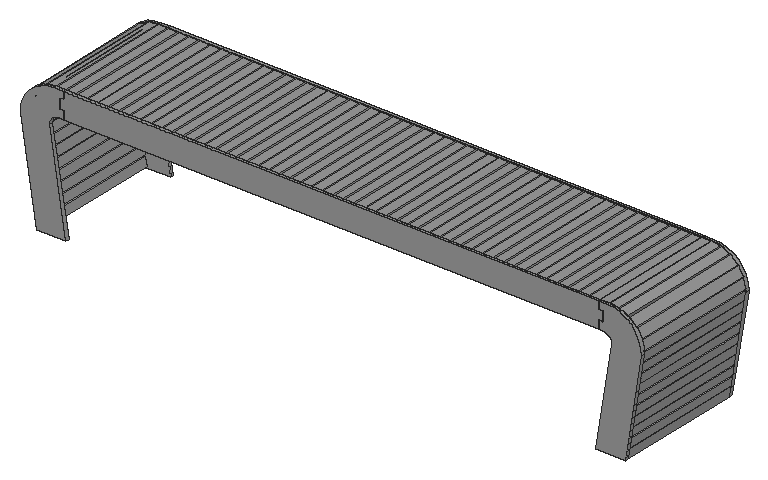
Revit family "Скамейка стальная «Флеш» без спинки Арт 12708", category Антураж, Revit 2018
Family settings
  На основе рабочей плоскости = Нет
  Всегда вертикально = Да
  При загрузке вырезать с полостями = Нет
  Источник визуального образа = Геометрия семейства
  Общий = Нет
  Точка расчета площади = Нет
Parameters (values of type "Модель 2,1 м")
  Ширина = 450 mm  # constant formula
  Цвет сидения = Дерево Тик
  Цвет каркаса = Сталь
  Отступ = 0.5 mm  # constant formula
  Описание = if([Модель 1,2 м], "Скамейка стальная «Флеш» без спинки, модель 1,2 м", if([Модель 1,5 м], "Скамейка стальная «Флеш» без спинки, модель 1,5 м", if([Модель 1,8 м], "Скамейка стальная «Флеш» без спинки, модель 1,8 м", "Скамейка стальная «Флеш» без спинки, модель 2,1 м")))  # "Скамейка стальная «Флеш» без спинки, модель 2,1 м"
  Модель 1,5 м = no
  Модель 2,1 м = yes
  Модель 1,8 м = no
  Модель 1,2 м = no
  Материал изделия = "Сталь, дерево"  # constant formula
  Изображение типоразмера = Скамейка стальная «Флеш» без спинки Арт 12708.jpg
  Изготовитель = "ООО «Хоббика»"  # constant formula
  Длина = if([Модель 1,2 м], 1200 mm, if([Модель 1,5 м], 1500 mm, if([Модель 1,8 м], 1800 mm, 2100 mm)))  # 2100 mm
  Группа модели = "Садовые скамейки"  # constant formula
  Высота = 450 mm  # constant formula
  Артикул товара = "Арт. 12708"  # constant formula
  URL = "https://hobbyka.ru/product/skameyka_stalnaya_flesh/"
  L1 = Длина - 300 mm  # 1800 mm
Types (5, lengths in mm): name | Описание | Модель 1,5 м | Модель 2,1 м | Модель 1,8 м | Модель 1,2 м | Длина | L1
  (no name) | "Скамейка стальная «Флеш» без спинки, модель 2,1 м" | no | yes | no | no | 2100 | 1800
  Модель 1,2 м | "Скамейка стальная «Флеш» без спинки, модель 1,2 м" | no | no | no | yes | 1200 | 900
  Модель 1,5 м | "Скамейка стальная «Флеш» без спинки, модель 1,5 м" | yes | no | no | no | 1500 | 1200
  Модель 1,8 м | "Скамейка стальная «Флеш» без спинки, модель 1,8 м" | no | no | yes | no | 1800 | 1500
  Модель 2,1 м | "Скамейка стальная «Флеш» без спинки, модель 2,1 м" | no | yes | no | no | 2100 | 1800
Reference planes
  plane 1 "По центру (Вперед/Назад)": y = 0
  plane 2: z = 0
  plane 3 "По центру (Влево/Вправо)": x = 0
  plane 4: x = 2100
  plane 5: y = 450
  plane 6: z = 450
Forms (mm)
  Extrusion 1, solid, material "Сталь" <- "Цвет каркаса"
    sketch origin (0, 0, 0) x (1, 0, 0) y (0, 0, 1)
      loop
        line (146.82, 450) -> (146.82, 426.82) -> (131.82, 426.82) -> (131.82, 391.82) -> (146.82, 391.82) -> (146.82, 365) -> (1953.18, 365) -> (1953.18, 391.82) -> (1968.18, 391.82) -> (1968.18, 426.82) -> (1953.18, 426.82) -> (1953.18, 450) -> (146.82, 450)
    from 0 to -10
  Extrusion 2, solid, material "Сталь" <- "Цвет каркаса"
    sketch origin (8.18, 0, 0) x (1, 0, 0) y (0, 0, 1)
      loop
        line (138.64, 450) -> (138.64, 426.82) -> (123.64, 426.82) -> (123.64, 391.82) -> (138.64, 391.82) -> (138.64, 365) -> (1945, 365) -> (1945, 391.82) -> (1960, 391.82) -> (1960, 426.82) -> (1945, 426.82) -> (1945, 450) -> (138.64, 450)
    from -440 to -450
Dimensions and locks
  "Ширина": plane 5 to plane 1 "По центру (Вперед/Назад)"
  "Длина": plane 3 "По центру (Влево/Вправо)" to plane 4
  "Высота": plane 6 to level
  nested 2 to nested 1 = 1806.36 mm
  plane 3 "По центру (Влево/Вправо)" to nested 3 = 150 mm
  nested 1 to nested 2 = 1806.36 mm
  nested 2 to plane 4 = 146.82 mm
  equal spacing: plane 3 "По центру (Влево/Вправо)", nested 3, plane 4
  aligned and locked: level to plane 2
  aligned and locked: plane 4 to nested 2
  aligned and locked: nested 2 to plane 1 "По центру (Вперед/Назад)"
  aligned and locked: Extrusion 1 sketch curve to nested 1  (x5)
  aligned and locked: Extrusion 1 sketch curve to nested 2  (x5)
  aligned and locked: Extrusion 1 sketch curve to plane 6
  aligned and locked: nested 2 to Extrusion 1 sketch curve
  aligned and locked: Extrusion 2 to nested 1  (x4)
  aligned and locked: Extrusion 2 to nested 2  (x3)
  aligned and locked: nested 3 to Extrusion 1
Automatic sketch dimensions
  Extrusion 2 sketch curve to plane 6 = 0 mm
  Extrusion 2 sketch curve to plane 6 = 23.18 mm  (x2)
  plane 3 "По центру (Влево/Вправо)" to Extrusion 2 sketch curve = 131.82 mm
  Extrusion 2 sketch curve to Extrusion 2 sketch curve = 15 mm  (x3)
  Extrusion 2 sketch curve to plane 4 = 146.82 mm
  Extrusion 2 sketch curve to Extrusion 2 sketch curve = 0 mm
  Extrusion 2 sketch curve to plane 6 = 58.18 mm
  Extrusion 2 sketch curve to Extrusion 2 sketch curve = 35 mm
  Extrusion 2 sketch curve to Extrusion 2 sketch curve = 26.82 mm
Nested families
  nested 1: "Скамейка стальная «Флеш» без спинки опора" at (0, 0, 0), type "Скамейка стальная «Флеш» без спинки опора"
  nested 2: "Скамейка стальная «Флеш» без спинки опора" at (2100, 0, 0) x (-1, 0, 0) z (0, 0, 1), type "Скамейка стальная «Флеш» без спинки опора"
  nested 3: "Скамейка стальная «Флеш» без спинки сидение" at (150, 10, 0), type "Скамейка стальная «Флеш» без спинки сидение"
Definition of nested family "Скамейка стальная «Флеш» без спинки опора"
  Parameters (values of type "Скамейка стальная «Флеш» без спинки опора")
    Цвет сидения = none
    Цвет каркаса = none
    Height = 0 mm
  Reference planes
    plane 1 "По центру (Вперед/Назад)": y = 0
    plane 2: z = 0
    plane 3 "По центру (Влево/Вправо)": x = 0
    plane 4: y = 450
    plane 5: x = 703.172
    plane 6: z = 450
  Forms (mm)
    Extrusion 1, solid, material <- "Цвет каркаса"
      sketch origin (0, 0, 0) x (1, 0, 0) y (0, 0, 1)
        loop
          line (155, 0) -> (100.039, 334.761)
          arc (100.039, 334.761) -> (109.886, 356.232) -> (131.82, 365) r 31.82
          line (131.82, 365) -> (146.82, 365) -> (146.82, 391.82) -> (131.82, 391.82) -> (131.82, 426.82) -> (146.82, 426.82) -> (146.82, 450) -> (115, 450)
          arc (115, 450) -> (33.683, 416.317) -> (0, 335) r 115
          line (0, 335) -> (55, 0) -> (155, 0)
      from 0 to -10
    Extrusion 2, solid, material <- "Цвет каркаса"
      sketch origin (0, 0, 0) x (1, 0, 0) y (0, 0, 1)
        loop
          line (155, 0) -> (100.039, 334.761)
          arc (100.039, 334.761) -> (109.886, 356.232) -> (131.82, 365) r 31.82
          line (131.82, 365) -> (146.82, 365) -> (146.82, 391.82) -> (131.82, 391.82) -> (131.82, 426.82) -> (146.82, 426.82) -> (146.82, 450) -> (115, 450)
          arc (115, 450) -> (33.683, 416.317) -> (0, 335) r 115
          line (0, 335) -> (55, 0) -> (155, 0)
      from -440 to -450
    Extrusion 3, solid, material <- "Цвет сидения"
      sketch origin (0, 0, 0) x (1, 0, 0) y (0, 0, 1)
        loop
          line (146.82, 450) -> (116.82, 450) -> (116.82, 430) -> (146.82, 430) -> (146.82, 450)
        loop
          line (115, 450) -> (85.261, 446.053) -> (87.892, 426.227) -> (115, 429.825) -> (115, 450)
        loop
          line (81.521, 444.892) -> (54.366, 432.14) -> (62.868, 414.037) -> (84.281, 424.093) -> (81.521, 444.892)
        loop
          line (55.493, 0.081) -> (75.229, 3.321) -> (70.369, 32.925) -> (50.633, 29.685) -> (55.493, 0.081)
        loop
          line (49.823, 34.619) -> (69.559, 37.859) -> (64.699, 67.462) -> (44.963, 64.222) -> (49.823, 34.619)
        loop
          line (44.153, 69.156) -> (63.888, 72.396) -> (59.028, 102) -> (39.292, 98.76) -> (44.153, 69.156)
        loop
          line (38.482, 103.694) -> (58.218, 106.934) -> (53.358, 136.538) -> (33.622, 133.298) -> (38.482, 103.694)
        loop
          line (32.812, 138.231) -> (52.548, 141.472) -> (47.687, 171.075) -> (27.952, 167.835) -> (32.812, 138.231)
        loop
          line (27.142, 172.769) -> (46.877, 176.009) -> (42.017, 205.613) -> (22.281, 202.373) -> (27.142, 172.769)
        loop
          line (21.471, 207.307) -> (41.207, 210.547) -> (36.347, 240.151) -> (16.611, 236.91) -> (21.471, 207.307)
        loop
          line (15.801, 241.844) -> (35.537, 245.085) -> (30.676, 274.688) -> (10.941, 271.448) -> (15.801, 241.844)
        loop
          line (10.131, 276.382) -> (29.866, 279.622) -> (25.006, 309.226) -> (5.27, 305.986) -> (10.131, 276.382)
        loop
          line (4.46, 310.92) -> (24.282, 313.586) -> (20.282, 343.318) -> (0.461, 340.652) -> (4.46, 310.92)
        loop
          line (0.661, 345.7) -> (21.24, 345.7) -> (27.165, 370.144) -> (7.728, 374.856) -> (0.661, 345.7)
        loop
          line (9.531, 379.715) -> (29.212, 373.702) -> (42.022, 395.348) -> (24.809, 405.533) -> (9.531, 379.715)
        loop
          line (27.687, 409.485) -> (44.796, 398.049) -> (59.742, 411.799) -> (49.765, 429.797) -> (27.687, 409.485)
      from -440 to -10
  Dimensions and locks
    plane 4 to plane 1 "По центру (Вперед/Назад)" = 450 mm
    aligned and locked: level to plane 2
    aligned and locked: plane 4 to Extrusion 2
    aligned and locked: Extrusion 3 to Extrusion 2
    aligned and locked: Extrusion 3 to Extrusion 1
Definition of nested family "Скамейка стальная «Флеш» без спинки сидение"
  Parameters (values of type "Скамейка стальная «Флеш» без спинки сидение")
    Цвет = none
    Кол-во элементов = Длина / 35 mm - 1  # 50
    Длина = 1800 mm
    Height = 0 mm
  Reference planes
    plane 1 "По центру (Вперед/Назад)": y = 0
    plane 2: z = 0
    plane 3 "По центру (Влево/Вправо)": x = 0
    plane 4: y = 430
    plane 5: x = 1800
    plane 6: z = 449
  Forms (mm)
    Extrusion 1, solid, material <- "Цвет"
      sketch origin (0, 0, 0) x (1, 0, 0) y (0, 1, 0)
        loop
          line (0, 430) -> (0, 0) -> (30, 0) -> (30, 430) -> (0, 430)
      from 429 to 449
    Extrusion 2, solid, material <- "Цвет"
      sketch origin (1770, 0, 0) x (1, 0, 0) y (0, 1, 0)
        loop
          line (0, 430) -> (0, 0) -> (30, 0) -> (30, 430) -> (0, 430)
      from 429 to 449
    Extrusion 3, solid, material <- "Цвет"
      sketch origin (36.122, 0, 0) x (1, 0, 0) y (0, 1, 0)
        loop
          line (0, 430) -> (0, 0) -> (30, 0) -> (30, 430) -> (0, 430)
      from 429 to 449
    Extrusion 4, solid, material <- "Цвет"
      sketch origin (72.245, 0, 0) x (1, 0, 0) y (0, 1, 0)
        loop
          line (0, 430) -> (0, 0) -> (30, 0) -> (30, 430) -> (0, 430)
      from 429 to 449
    Extrusion 5, solid, material <- "Цвет"
      sketch origin (108.367, 0, 0) x (1, 0, 0) y (0, 1, 0)
        loop
          line (0, 430) -> (0, 0) -> (30, 0) -> (30, 430) -> (0, 430)
      from 429 to 449
    Extrusion 6, solid, material <- "Цвет"
      sketch origin (144.49, 0, 0) x (1, 0, 0) y (0, 1, 0)
        loop
          line (0, 430) -> (0, 0) -> (30, 0) -> (30, 430) -> (0, 430)
      from 429 to 449
    Extrusion 7, solid, material <- "Цвет"
      sketch origin (180.612, 0, 0) x (1, 0, 0) y (0, 1, 0)
        loop
          line (0, 430) -> (0, 0) -> (30, 0) -> (30, 430) -> (0, 430)
      from 429 to 449
    Extrusion 8, solid, material <- "Цвет"
      sketch origin (216.735, 0, 0) x (1, 0, 0) y (0, 1, 0)
        loop
          line (0, 430) -> (0, 0) -> (30, 0) -> (30, 430) -> (0, 430)
      from 429 to 449
    Extrusion 9, solid, material <- "Цвет"
      sketch origin (252.857, 0, 0) x (1, 0, 0) y (0, 1, 0)
        loop
          line (0, 430) -> (0, 0) -> (30, 0) -> (30, 430) -> (0, 430)
      from 429 to 449
    Extrusion 10, solid, material <- "Цвет"
      sketch origin (288.98, 0, 0) x (1, 0, 0) y (0, 1, 0)
        loop
          line (0, 430) -> (0, 0) -> (30, 0) -> (30, 430) -> (0, 430)
      from 429 to 449
    Extrusion 11, solid, material <- "Цвет"
      sketch origin (325.102, 0, 0) x (1, 0, 0) y (0, 1, 0)
        loop
          line (0, 430) -> (0, 0) -> (30, 0) -> (30, 430) -> (0, 430)
      from 429 to 449
    Extrusion 12, solid, material <- "Цвет"
      sketch origin (361.224, 0, 0) x (1, 0, 0) y (0, 1, 0)
        loop
          line (0, 430) -> (0, 0) -> (30, 0) -> (30, 430) -> (0, 430)
      from 429 to 449
    Extrusion 13, solid, material <- "Цвет"
      sketch origin (397.347, 0, 0) x (1, 0, 0) y (0, 1, 0)
        loop
          line (0, 430) -> (0, 0) -> (30, 0) -> (30, 430) -> (0, 430)
      from 429 to 449
    Extrusion 14, solid, material <- "Цвет"
      sketch origin (433.469, 0, 0) x (1, 0, 0) y (0, 1, 0)
        loop
          line (0, 430) -> (0, 0) -> (30, 0) -> (30, 430) -> (0, 430)
      from 429 to 449
    Extrusion 15, solid, material <- "Цвет"
      sketch origin (469.592, 0, 0) x (1, 0, 0) y (0, 1, 0)
        loop
          line (0, 430) -> (0, 0) -> (30, 0) -> (30, 430) -> (0, 430)
      from 429 to 449
    Extrusion 16, solid, material <- "Цвет"
      sketch origin (505.714, 0, 0) x (1, 0, 0) y (0, 1, 0)
        loop
          line (0, 430) -> (0, 0) -> (30, 0) -> (30, 430) -> (0, 430)
      from 429 to 449
    Extrusion 17, solid, material <- "Цвет"
      sketch origin (541.837, 0, 0) x (1, 0, 0) y (0, 1, 0)
        loop
          line (0, 430) -> (0, 0) -> (30, 0) -> (30, 430) -> (0, 430)
      from 429 to 449
    Extrusion 18, solid, material <- "Цвет"
      sketch origin (577.959, 0, 0) x (1, 0, 0) y (0, 1, 0)
        loop
          line (0, 430) -> (0, 0) -> (30, 0) -> (30, 430) -> (0, 430)
      from 429 to 449
    Extrusion 19, solid, material <- "Цвет"
      sketch origin (614.082, 0, 0) x (1, 0, 0) y (0, 1, 0)
        loop
          line (0, 430) -> (0, 0) -> (30, 0) -> (30, 430) -> (0, 430)
      from 429 to 449
    Extrusion 20, solid, material <- "Цвет"
      sketch origin (650.204, 0, 0) x (1, 0, 0) y (0, 1, 0)
        loop
          line (0, 430) -> (0, 0) -> (30, 0) -> (30, 430) -> (0, 430)
      from 429 to 449
    Extrusion 21, solid, material <- "Цвет"
      sketch origin (686.327, 0, 0) x (1, 0, 0) y (0, 1, 0)
        loop
          line (0, 430) -> (0, 0) -> (30, 0) -> (30, 430) -> (0, 430)
      from 429 to 449
    Extrusion 22, solid, material <- "Цвет"
      sketch origin (722.449, 0, 0) x (1, 0, 0) y (0, 1, 0)
        loop
          line (0, 430) -> (0, 0) -> (30, 0) -> (30, 430) -> (0, 430)
      from 429 to 449
    Extrusion 23, solid, material <- "Цвет"
      sketch origin (758.571, 0, 0) x (1, 0, 0) y (0, 1, 0)
        loop
          line (0, 430) -> (0, 0) -> (30, 0) -> (30, 430) -> (0, 430)
      from 429 to 449
    Extrusion 24, solid, material <- "Цвет"
      sketch origin (794.694, 0, 0) x (1, 0, 0) y (0, 1, 0)
        loop
          line (0, 430) -> (0, 0) -> (30, 0) -> (30, 430) -> (0, 430)
      from 429 to 449
    Extrusion 25, solid, material <- "Цвет"
      sketch origin (830.816, 0, 0) x (1, 0, 0) y (0, 1, 0)
        loop
          line (0, 430) -> (0, 0) -> (30, 0) -> (30, 430) -> (0, 430)
      from 429 to 449
    Extrusion 26, solid, material <- "Цвет"
      sketch origin (866.939, 0, 0) x (1, 0, 0) y (0, 1, 0)
        loop
          line (0, 430) -> (0, 0) -> (30, 0) -> (30, 430) -> (0, 430)
      from 429 to 449
    Extrusion 27, solid, material <- "Цвет"
      sketch origin (903.061, 0, 0) x (1, 0, 0) y (0, 1, 0)
        loop
          line (0, 430) -> (0, 0) -> (30, 0) -> (30, 430) -> (0, 430)
      from 429 to 449
    Extrusion 28, solid, material <- "Цвет"
      sketch origin (939.184, 0, 0) x (1, 0, 0) y (0, 1, 0)
        loop
          line (0, 430) -> (0, 0) -> (30, 0) -> (30, 430) -> (0, 430)
      from 429 to 449
    Extrusion 29, solid, material <- "Цвет"
      sketch origin (975.306, 0, 0) x (1, 0, 0) y (0, 1, 0)
        loop
          line (0, 430) -> (0, 0) -> (30, 0) -> (30, 430) -> (0, 430)
      from 429 to 449
    Extrusion 30, solid, material <- "Цвет"
      sketch origin (1011.429, 0, 0) x (1, 0, 0) y (0, 1, 0)
        loop
          line (0, 430) -> (0, 0) -> (30, 0) -> (30, 430) -> (0, 430)
      from 429 to 449
    Extrusion 31, solid, material <- "Цвет"
      sketch origin (1047.551, 0, 0) x (1, 0, 0) y (0, 1, 0)
        loop
          line (0, 430) -> (0, 0) -> (30, 0) -> (30, 430) -> (0, 430)
      from 429 to 449
    Extrusion 32, solid, material <- "Цвет"
      sketch origin (1083.673, 0, 0) x (1, 0, 0) y (0, 1, 0)
        loop
          line (0, 430) -> (0, 0) -> (30, 0) -> (30, 430) -> (0, 430)
      from 429 to 449
    Extrusion 33, solid, material <- "Цвет"
      sketch origin (1119.796, 0, 0) x (1, 0, 0) y (0, 1, 0)
        loop
          line (0, 430) -> (0, 0) -> (30, 0) -> (30, 430) -> (0, 430)
      from 429 to 449
    Extrusion 34, solid, material <- "Цвет"
      sketch origin (1155.918, 0, 0) x (1, 0, 0) y (0, 1, 0)
        loop
          line (0, 430) -> (0, 0) -> (30, 0) -> (30, 430) -> (0, 430)
      from 429 to 449
    Extrusion 35, solid, material <- "Цвет"
      sketch origin (1192.041, 0, 0) x (1, 0, 0) y (0, 1, 0)
        loop
          line (0, 430) -> (0, 0) -> (30, 0) -> (30, 430) -> (0, 430)
      from 429 to 449
    Extrusion 36, solid, material <- "Цвет"
      sketch origin (1228.163, 0, 0) x (1, 0, 0) y (0, 1, 0)
        loop
          line (0, 430) -> (0, 0) -> (30, 0) -> (30, 430) -> (0, 430)
      from 429 to 449
    Extrusion 37, solid, material <- "Цвет"
      sketch origin (1264.286, 0, 0) x (1, 0, 0) y (0, 1, 0)
        loop
          line (0, 430) -> (0, 0) -> (30, 0) -> (30, 430) -> (0, 430)
      from 429 to 449
    Extrusion 38, solid, material <- "Цвет"
      sketch origin (1300.408, 0, 0) x (1, 0, 0) y (0, 1, 0)
        loop
          line (0, 430) -> (0, 0) -> (30, 0) -> (30, 430) -> (0, 430)
      from 429 to 449
    Extrusion 39, solid, material <- "Цвет"
      sketch origin (1336.531, 0, 0) x (1, 0, 0) y (0, 1, 0)
        loop
          line (0, 430) -> (0, 0) -> (30, 0) -> (30, 430) -> (0, 430)
      from 429 to 449
    Extrusion 40, solid, material <- "Цвет"
      sketch origin (1372.653, 0, 0) x (1, 0, 0) y (0, 1, 0)
        loop
          line (0, 430) -> (0, 0) -> (30, 0) -> (30, 430) -> (0, 430)
      from 429 to 449
    Extrusion 41, solid, material <- "Цвет"
      sketch origin (1408.776, 0, 0) x (1, 0, 0) y (0, 1, 0)
        loop
          line (0, 430) -> (0, 0) -> (30, 0) -> (30, 430) -> (0, 430)
      from 429 to 449
    Extrusion 42, solid, material <- "Цвет"
      sketch origin (1444.898, 0, 0) x (1, 0, 0) y (0, 1, 0)
        loop
          line (0, 430) -> (0, 0) -> (30, 0) -> (30, 430) -> (0, 430)
      from 429 to 449
    Extrusion 43, solid, material <- "Цвет"
      sketch origin (1481.02, 0, 0) x (1, 0, 0) y (0, 1, 0)
        loop
          line (0, 430) -> (0, 0) -> (30, 0) -> (30, 430) -> (0, 430)
      from 429 to 449
    Extrusion 44, solid, material <- "Цвет"
      sketch origin (1517.143, 0, 0) x (1, 0, 0) y (0, 1, 0)
        loop
          line (0, 430) -> (0, 0) -> (30, 0) -> (30, 430) -> (0, 430)
      from 429 to 449
    Extrusion 45, solid, material <- "Цвет"
      sketch origin (1553.265, 0, 0) x (1, 0, 0) y (0, 1, 0)
        loop
          line (0, 430) -> (0, 0) -> (30, 0) -> (30, 430) -> (0, 430)
      from 429 to 449
    Extrusion 46, solid, material <- "Цвет"
      sketch origin (1589.388, 0, 0) x (1, 0, 0) y (0, 1, 0)
        loop
          line (0, 430) -> (0, 0) -> (30, 0) -> (30, 430) -> (0, 430)
      from 429 to 449
    Extrusion 47, solid, material <- "Цвет"
      sketch origin (1625.51, 0, 0) x (1, 0, 0) y (0, 1, 0)
        loop
          line (0, 430) -> (0, 0) -> (30, 0) -> (30, 430) -> (0, 430)
      from 429 to 449
    Extrusion 48, solid, material <- "Цвет"
      sketch origin (1661.633, 0, 0) x (1, 0, 0) y (0, 1, 0)
        loop
          line (0, 430) -> (0, 0) -> (30, 0) -> (30, 430) -> (0, 430)
      from 429 to 449
    Extrusion 49, solid, material <- "Цвет"
      sketch origin (1697.755, 0, 0) x (1, 0, 0) y (0, 1, 0)
        loop
          line (0, 430) -> (0, 0) -> (30, 0) -> (30, 430) -> (0, 430)
      from 429 to 449
    Extrusion 50, solid, material <- "Цвет"
      sketch origin (1733.878, 0, 0) x (1, 0, 0) y (0, 1, 0)
        loop
          line (0, 430) -> (0, 0) -> (30, 0) -> (30, 430) -> (0, 430)
      from 429 to 449
  Lines and regions (mm)
    reference lines
      curve 1: line (900, 1201.572, 0) -> (900, -1038.428, 0)
  Dimensions and locks
    "Длина": plane 3 "По центру (Влево/Вправо)" to plane 5
    equal spacing: plane 3 "По центру (Влево/Вправо)", curve 1, plane 5
    equal spacing: group 1, group 3, group 4, group 5, group 6, group 7, group 8, group 9, group 10, group 11, group 12, group 13, group 14, group 15, group 16, group 17, group 18, group 19, group 20, group 21, group 22, group 23, group 24, group 25, group 26, group 27, group 28, group 29, group 30, group 31, group 32, group 33, group 34, group 35, group 36, group 37, group 38, group 39, group 40, group 41, group 42, group 43, group 44, group 45, group 46, group 47, group 48, group 49, group 50, group 2  (x3)
    Extrusion 1 to Extrusion 3 = 6.122 mm
    aligned and locked: level to plane 2
    aligned and locked: plane 5 to Extrusion 2
  Automatic sketch dimensions
    plane 1 "По центру (Вперед/Назад)" to curve 1 = 1038.428 mm
    plane 4 to curve 1 = 771.572 mm
    Extrusion 1 sketch curve to Extrusion 1 sketch curve = 30 mm
    Extrusion 1 sketch curve to Extrusion 1 sketch curve = 430 mm
    Extrusion 2 sketch curve to Extrusion 2 sketch curve = 30 mm
    Extrusion 2 sketch curve to Extrusion 2 sketch curve = 430 mm
    Extrusion 3 sketch curve to Extrusion 3 sketch curve = 30 mm
    Extrusion 3 sketch curve to Extrusion 3 sketch curve = 430 mm
    Extrusion 4 sketch curve to Extrusion 4 sketch curve = 30 mm
    Extrusion 4 sketch curve to Extrusion 4 sketch curve = 430 mm
    Extrusion 5 sketch curve to Extrusion 5 sketch curve = 30 mm
    Extrusion 5 sketch curve to Extrusion 5 sketch curve = 430 mm
    Extrusion 6 sketch curve to Extrusion 6 sketch curve = 30 mm
    Extrusion 6 sketch curve to Extrusion 6 sketch curve = 430 mm
    Extrusion 7 sketch curve to Extrusion 7 sketch curve = 30 mm
    Extrusion 7 sketch curve to Extrusion 7 sketch curve = 430 mm
    Extrusion 8 sketch curve to Extrusion 8 sketch curve = 30 mm
    Extrusion 8 sketch curve to Extrusion 8 sketch curve = 430 mm
    Extrusion 9 sketch curve to Extrusion 9 sketch curve = 30 mm
    Extrusion 9 sketch curve to Extrusion 9 sketch curve = 430 mm
    Extrusion 10 sketch curve to Extrusion 10 sketch curve = 30 mm
    Extrusion 10 sketch curve to Extrusion 10 sketch curve = 430 mm
    Extrusion 11 sketch curve to Extrusion 11 sketch curve = 30 mm
    Extrusion 11 sketch curve to Extrusion 11 sketch curve = 430 mm
    Extrusion 12 sketch curve to Extrusion 12 sketch curve = 30 mm
    Extrusion 12 sketch curve to Extrusion 12 sketch curve = 430 mm
    Extrusion 13 sketch curve to Extrusion 13 sketch curve = 30 mm
    Extrusion 13 sketch curve to Extrusion 13 sketch curve = 430 mm
    Extrusion 14 sketch curve to Extrusion 14 sketch curve = 30 mm
    Extrusion 14 sketch curve to Extrusion 14 sketch curve = 430 mm
    Extrusion 15 sketch curve to Extrusion 15 sketch curve = 30 mm
    Extrusion 15 sketch curve to Extrusion 15 sketch curve = 430 mm
    Extrusion 16 sketch curve to Extrusion 16 sketch curve = 30 mm
    Extrusion 16 sketch curve to Extrusion 16 sketch curve = 430 mm
    Extrusion 17 sketch curve to Extrusion 17 sketch curve = 30 mm
    Extrusion 17 sketch curve to Extrusion 17 sketch curve = 430 mm
    Extrusion 18 sketch curve to Extrusion 18 sketch curve = 30 mm
    Extrusion 18 sketch curve to Extrusion 18 sketch curve = 430 mm
    Extrusion 19 sketch curve to Extrusion 19 sketch curve = 30 mm
    Extrusion 19 sketch curve to Extrusion 19 sketch curve = 430 mm
    Extrusion 20 sketch curve to Extrusion 20 sketch curve = 30 mm
    Extrusion 20 sketch curve to Extrusion 20 sketch curve = 430 mm
    Extrusion 21 sketch curve to Extrusion 21 sketch curve = 30 mm
    Extrusion 21 sketch curve to Extrusion 21 sketch curve = 430 mm
    Extrusion 22 sketch curve to Extrusion 22 sketch curve = 30 mm
    Extrusion 22 sketch curve to Extrusion 22 sketch curve = 430 mm
    Extrusion 23 sketch curve to Extrusion 23 sketch curve = 30 mm
    Extrusion 23 sketch curve to Extrusion 23 sketch curve = 430 mm
    Extrusion 24 sketch curve to Extrusion 24 sketch curve = 30 mm
    Extrusion 24 sketch curve to Extrusion 24 sketch curve = 430 mm
    Extrusion 25 sketch curve to Extrusion 25 sketch curve = 30 mm
    Extrusion 25 sketch curve to Extrusion 25 sketch curve = 430 mm
    Extrusion 26 sketch curve to Extrusion 26 sketch curve = 30 mm
    Extrusion 26 sketch curve to Extrusion 26 sketch curve = 430 mm
    Extrusion 27 sketch curve to Extrusion 27 sketch curve = 30 mm
    Extrusion 27 sketch curve to Extrusion 27 sketch curve = 430 mm
    Extrusion 28 sketch curve to Extrusion 28 sketch curve = 30 mm
    Extrusion 28 sketch curve to Extrusion 28 sketch curve = 430 mm
    Extrusion 29 sketch curve to Extrusion 29 sketch curve = 30 mm
    Extrusion 29 sketch curve to Extrusion 29 sketch curve = 430 mm
    Extrusion 30 sketch curve to Extrusion 30 sketch curve = 30 mm
    Extrusion 30 sketch curve to Extrusion 30 sketch curve = 430 mm
    Extrusion 31 sketch curve to Extrusion 31 sketch curve = 30 mm
    Extrusion 31 sketch curve to Extrusion 31 sketch curve = 430 mm
    Extrusion 32 sketch curve to Extrusion 32 sketch curve = 30 mm
    Extrusion 32 sketch curve to Extrusion 32 sketch curve = 430 mm
    Extrusion 33 sketch curve to Extrusion 33 sketch curve = 30 mm
    Extrusion 33 sketch curve to Extrusion 33 sketch curve = 430 mm
    Extrusion 34 sketch curve to Extrusion 34 sketch curve = 30 mm
    Extrusion 34 sketch curve to Extrusion 34 sketch curve = 430 mm
    Extrusion 35 sketch curve to Extrusion 35 sketch curve = 30 mm
    Extrusion 35 sketch curve to Extrusion 35 sketch curve = 430 mm
    Extrusion 36 sketch curve to Extrusion 36 sketch curve = 30 mm
    Extrusion 36 sketch curve to Extrusion 36 sketch curve = 430 mm
    Extrusion 37 sketch curve to Extrusion 37 sketch curve = 30 mm
    Extrusion 37 sketch curve to Extrusion 37 sketch curve = 430 mm
    Extrusion 38 sketch curve to Extrusion 38 sketch curve = 30 mm
    Extrusion 38 sketch curve to Extrusion 38 sketch curve = 430 mm
    Extrusion 39 sketch curve to Extrusion 39 sketch curve = 30 mm
    Extrusion 39 sketch curve to Extrusion 39 sketch curve = 430 mm
    Extrusion 40 sketch curve to Extrusion 40 sketch curve = 30 mm
    Extrusion 40 sketch curve to Extrusion 40 sketch curve = 430 mm
    Extrusion 41 sketch curve to Extrusion 41 sketch curve = 30 mm
    Extrusion 41 sketch curve to Extrusion 41 sketch curve = 430 mm
    Extrusion 42 sketch curve to Extrusion 42 sketch curve = 30 mm
    Extrusion 42 sketch curve to Extrusion 42 sketch curve = 430 mm
    Extrusion 43 sketch curve to Extrusion 43 sketch curve = 30 mm
    Extrusion 43 sketch curve to Extrusion 43 sketch curve = 430 mm
    Extrusion 44 sketch curve to Extrusion 44 sketch curve = 30 mm
    Extrusion 44 sketch curve to Extrusion 44 sketch curve = 430 mm
    Extrusion 45 sketch curve to Extrusion 45 sketch curve = 30 mm
    Extrusion 45 sketch curve to Extrusion 45 sketch curve = 430 mm
    Extrusion 46 sketch curve to Extrusion 46 sketch curve = 30 mm
    Extrusion 46 sketch curve to Extrusion 46 sketch curve = 430 mm
    Extrusion 47 sketch curve to Extrusion 47 sketch curve = 30 mm
    Extrusion 47 sketch curve to Extrusion 47 sketch curve = 430 mm
    Extrusion 48 sketch curve to Extrusion 48 sketch curve = 30 mm
    Extrusion 48 sketch curve to Extrusion 48 sketch curve = 430 mm
    Extrusion 49 sketch curve to Extrusion 49 sketch curve = 30 mm
    Extrusion 49 sketch curve to Extrusion 49 sketch curve = 430 mm
    Extrusion 50 sketch curve to Extrusion 50 sketch curve = 30 mm
    Extrusion 50 sketch curve to Extrusion 50 sketch curve = 430 mm
